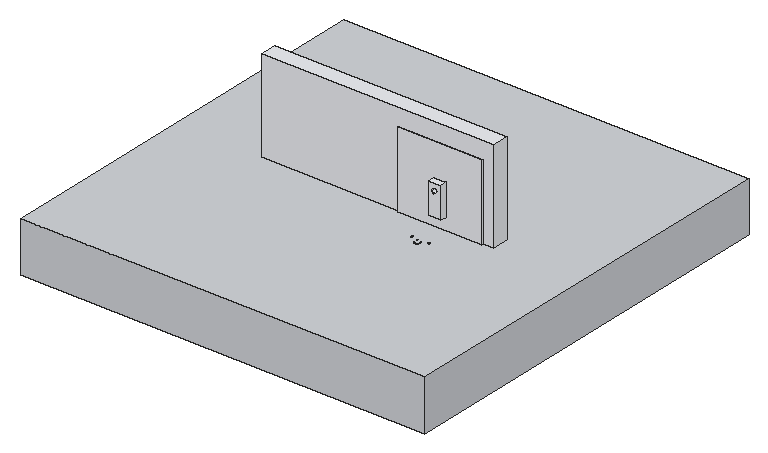
Revit family
Parameters (values of type "9113-WM-RH")
  Waste Connection = yes
  WFU = 2
  Vent Connection = no
  URL = "http://www.neo-metro.com/"
  Type Comments = ""
  Satin Overflow Waste Plate (Standard) = yes
  Revised Date = "12/03/2015"  # constant formula
  Phone# = "626-336-4561"
  Model = "9113-WM-RH"
  Material = Cast Solid Surface-Neo Metro-Blanco-RDC10
  Manufacturer = "Neo-Metro"
  High Polish Overflow Waste Plate (Non-standard) = no
  HWFU = 1.5
  HW Connection = yes
  Dyson Airblade™ Tap AB11 Wall (Wall Mounted Faucet) = no
  Dyson Airblade™ Tap AB09 Short (Deck Mounted Faucet) = no
  Designed By = "Allied Technical Services"  # constant formula
  Description = "55\" Wall Mounted Solid Surface Deck with Integrated Basin"
  Default Elevation = 34"
  CWFU = 1.5
  CW Connection = yes
  Assembly Code = "D2010310"
  -RH - Right Hand Offset (In orientation of user facing unit) = yes
  -MC-FLR - Commercial Floor Mounted Arm/Carrier (Required for commercial application - requires 2" x 6" wall construction) = no
  -MC - Standard Arm/Wall Mounted Carrier (suggested for residential/light commercial applications) = no
  -H38 - 8" Centerset (203 mm) = no
  -H36 - 6" Centerset (152 mm) = no
  -H1 - Single Hole (Centered) = no
  -H0 - No Faucet Hole (For wall mounted faucet) = no
  - RDC16 Anise (Black) = no
  - RDC14 Grey Goose (Gray) = no
  - RDC10 Blanco (White) = no
Reference planes (in)
  plane 1 "Center (Front/Back)": y = 0
  plane 2: z = 0
  plane 3 "Center (Left/Right)": x = 0
  plane 4: z = 18
  plane 5: x = 15.00759
  plane 6: x = 27.5
  plane 7: x = -27.5
  plane 8: y = -2
  plane 9: y = 2
  plane 10: z = 22
  plane 11: x = 23.5
  plane 12: z = 4
  plane 13: z = 18
  plane 14: x = 6.5
  plane 15: x = 25.00781
  plane 16: x = 5.00781
  plane 17: x = 16.5
  plane 18: x = 13.5
  plane 19: y = -32
  plane 20: y = -9
  plane 21: x = 17
  plane 22: x = 13
  plane 23: x = 15
  plane 24: z = 2
Forms (in)
  Extrusion 1, solid
    sketch origin (0, 0, 0) x (1, 0, 0) y (0, 1, 0)
      loop
        line (-48, 48) -> (-48, -48) -> (48, -48) -> (48, 48) -> (-48, 48)
    from 0 to -12
  Extrusion 2, solid, material "Cast Solid Surface-Neo Metro-Blanco-RDC10" <- "Material"
    sketch origin (-27.5, -24.82566, 0) x (0, 1, 0) y (0, 0, 1)
      loop
        line (26.82566, 0) -> (26.82566, 22) -> (22.82566, 22) -> (22.82566, 0) -> (26.82566, 0)
    from 0 to 55
  Extrusion 3, solid, material "Cast Solid Surface-Neo Metro-Blanco-RDC10" <- "Material"
    sketch origin (0, -24.82566, 0) x (0, 1, 0) y (0, 0, -1)
      loop
        line (22.82566, -18) -> (22.82566, 0) -> (22.57566, 0) -> (22.57566, -18) -> (22.82566, -18)
    from -25.00781 to -5.00781
  Extrusion 4, solid, material "Cast Solid Surface-Neo Metro-Blanco-RDC10" <- "Material"
    sketch origin (1.5, -24.82566, 0) x (0, 1, 0) y (0, 0, -1)
      loop
        line (22.82566, -10.25) -> (22.82566, -2.75) -> (21.07566, -2.93393) -> (21.07566, -10.25) -> (22.82566, -10.25)
    from -15 to -12
  Blend 5, solid, material "Cast Solid Surface-Neo Metro-Blanco-RDC10" <- "Material"
    base sketch origin (0, -24.82566, 4) x (-1, 0, 0) y (0, -1, 0)
      loop
        line (-15.625, -26.73258) -> (-14.375, -26.73258) -> (-14.375, -25.98258) -> (-15.625, -25.98258) -> (-15.625, -26.73258)
    top sketch origin (0, -24.82566, 4) x (-1, 0, 0) y (0, -1, 0)
      loop
        arc (-14.5, -26.17008) -> (-14.51831, -26.12588) -> (-14.5625, -26.10758) r 0.0625
        line (-14.5625, -26.10758) -> (-15.4375, -26.10758)
        arc (-15.4375, -26.10758) -> (-15.48169, -26.12588) -> (-15.5, -26.17008) r 0.0625
        line (-15.5, -26.17008) -> (-15.5, -26.54508)
        arc (-15.5, -26.54508) -> (-15.48169, -26.58927) -> (-15.4375, -26.60758) r 0.0625
        line (-15.4375, -26.60758) -> (-14.5625, -26.60758)
        arc (-14.5625, -26.60758) -> (-14.51831, -26.58927) -> (-14.5, -26.54508) r 0.0625
        line (-14.5, -26.54508) -> (-14.5, -26.17008)
    from 0 to 0.214
  Extrusion 6, void
    sketch origin (27.5, -2, 0.02026) x (0, 0, -1) y (-1, 0, 0)
      loop
        arc (-17.97974, 4.5) -> (-17.83329, 4.14645) -> (-17.47974, 4) r 0.5
        line (-17.47974, 4) -> (-4.47974, 4)
        arc (-4.47974, 4) -> (-4.12619, 4.14645) -> (-3.97974, 4.5) r 0.5
        line (-3.97974, 4.5) -> (-3.97974, 20.5)
        arc (-3.97974, 20.5) -> (-4.12619, 20.85355) -> (-4.47974, 21) r 0.5
        line (-4.47974, 21) -> (-17.47974, 21)
        arc (-17.47974, 21) -> (-17.83329, 20.85355) -> (-17.97974, 20.5) r 0.5
        line (-17.97974, 20.5) -> (-17.97974, 4.5)
    from 0.90692 to 4.85277
  Revolve 7, void
    sketch origin (6.5, -24.82566, 8.5) x (0, 1, 0) y (-1, 0, 0)
      loop
        line (23.6205, -8.5) -> (23.6205, -8.125) -> (23.6205, -8.00076) -> (23.78739, -7.875) -> (20.45757, -7.875) -> (20.45757, -8.5) -> (23.6205, -8.5)
      axis (20.45757, -8.5) -> (23.78739, -8.5)
    angle from 0 to 360
  Extrusion 8, solid
    sketch origin (0, 0, 0) x (1, 0, 0) y (0, 1, 0)
      loop
        circle (13, -8) r 0.1875
      loop
        circle (17, -8) r 0.1875
      loop
        circle (15, -9) r 0.625
    from -0.28339 to 0
Cuts and joins
  Extrusion 6, Revolve 7 cuts Extrusion 2
  Revolve 7 cuts Extrusion 3
  Revolve 7 cuts Extrusion 4
  joined: Extrusion 2, Extrusion 3, Extrusion 4
Dimensions and locks (in)
  plane 6 to plane 7 = 55"
  plane 9 to plane 8 = 4"
  Extrusion 1 to plane 10 = 22"
  locked: plane 14 to plane 11 at 17
  locked: plane 12 to plane 13 at 14
  locked: plane 11 to plane 6 at 4
  locked: plane 16 to plane 15 at 20
  plane 18 to plane 17 = 3"
  locked: plane 17 to plane 6 at 11
  locked: cut or joined group of Extrusion 2, Extrusion 3, Extrusion 4, Extrusion 6, Revolve 7 to plane 18 at 8.49219
  locked: plane 17 to plane 15 at 8.50781
  locked: plane 18 to Revolve 7 sketch curve at 0.875
  locked: Revolve 7 sketch curve to plane 17 at 1.5
  locked: plane 18 to Blend 5 sketch curve at 0.875
  locked: Blend 5 sketch curve to Blend 5 sketch curve at 1.25
  locked: plane 18 to Blend 5 sketch curve at 1
  locked: Blend 5 sketch curve to Blend 5 sketch curve at 1
  locked: Blend 5 sketch curve to Blend 5 sketch curve at 0.75
  locked: Blend 5 sketch curve to Blend 5 sketch curve at 0.5
  "Default Elevation": plane 9 to plane 19
  locked: plane 22 to plane 21 at 4
  locked: plane 16 to plane 22 at 7.99219
  locked: plane 16 to plane 23 at 9.99219
  aligned and locked: plane 2 to Extrusion 1
  aligned and locked: level to Extrusion 1
  aligned and locked: plane 11 to Extrusion 6 sketch curve
  aligned and locked: plane 13 to Extrusion 6 sketch curve
  aligned and locked: Extrusion 6 sketch curve to plane 12
  aligned and locked: Extrusion 6 sketch curve to plane 14
  aligned and locked: plane 18 to cut or joined group of Extrusion 2, Extrusion 3, Extrusion 4, Extrusion 6, Revolve 7
  aligned and locked: cut or joined group of Extrusion 2, Extrusion 3, Extrusion 4, Extrusion 6, Revolve 7 to plane 17
  aligned and locked: cut or joined group of Extrusion 2, Extrusion 3, Extrusion 4, Extrusion 6, Revolve 7 to plane 15
  aligned and locked: plane 16 to cut or joined group of Extrusion 2, Extrusion 3, Extrusion 4, Extrusion 6, Revolve 7
  aligned and locked: level to Extrusion 8
Automatic sketch dimensions
  Extrusion 1 sketch curve to Extrusion 1 sketch curve = 96"  (x2)
  Extrusion 2 sketch curve to level = 0"
  Extrusion 2 sketch curve to plane 8 = 0"
  Extrusion 2 sketch curve to plane 9 = 0"
  Extrusion 2 sketch curve to plane 10 = 0"
  Extrusion 3 sketch curve to plane 4 = 0"
  Extrusion 3 sketch curve to level = 0"
  Extrusion 3 sketch curve to plane 8 = 0"
  plane 8 to Extrusion 3 sketch curve = 1/4"
  Blend 5 sketch curve to Blend 5 sketch curve = 1/16"  (x3)
  Blend 5 sketch curve to plane 9 = 0.21808"
  Blend 5 sketch curve to Blend 5 sketch curve = 0"
  Extrusion 6 sketch curve to Extrusion 6 sketch curve = 1/2"  (x4)
  Blend 5 sketch curve to plane 9 = 0.09308"
  Extrusion 8 sketch curve to plane 22 = 0"
  Extrusion 8 sketch curve to plane 20 = 0"
  Extrusion 8 sketch curve to plane 23 = 0"
  Extrusion 8 sketch curve to plane 21 = 0"
  plane 20 to Extrusion 8 sketch curve = 1"  (x2)
  plane 8 to Revolve 7 sketch curve = 2.36809"
  Revolve 7 sketch curve to plane 8 = 0.32211"
  Revolve 7 sketch curve to Revolve 7 sketch curve = 0.13135"
  Revolve 7 sketch curve to Revolve 7 sketch curve = 0.34138"
  Revolve 7 sketch curve to Revolve 7 sketch curve = 0.16689"
  Revolve 7 sketch curve to Revolve 7 sketch curve = 5/8"
  Revolve 7 sketch curve to Revolve 7 sketch curve = 1/4"
  Revolve 7 sketch curve to Revolve 7 sketch curve = 0.12424"
  Extrusion 4 sketch curve to plane 8 = 0"
  plane 8 to Extrusion 4 sketch curve = 1 3/4"
  Extrusion 4 sketch curve to plane 4 = 7 3/4"
  Extrusion 4 sketch curve to plane 24 = 0.93393"
  Extrusion 4 sketch curve to plane 24 = 3/4"
  radius of Extrusion 8 sketch curve = 3/16"  (x2)
  radius of Extrusion 8 sketch curve = 5/8"
Connectors (in)
  piping at (15, -9, -0.28339), driven by "WFU"
    settings: on Extrusion 8, index 1
  piping at (13, -8, -0.28339), driven by "HWFU"
    settings: on Extrusion 8, index 2
  piping at (17, -8, -0.28339), driven by "CWFU"
    settings: on Extrusion 8, index 3
